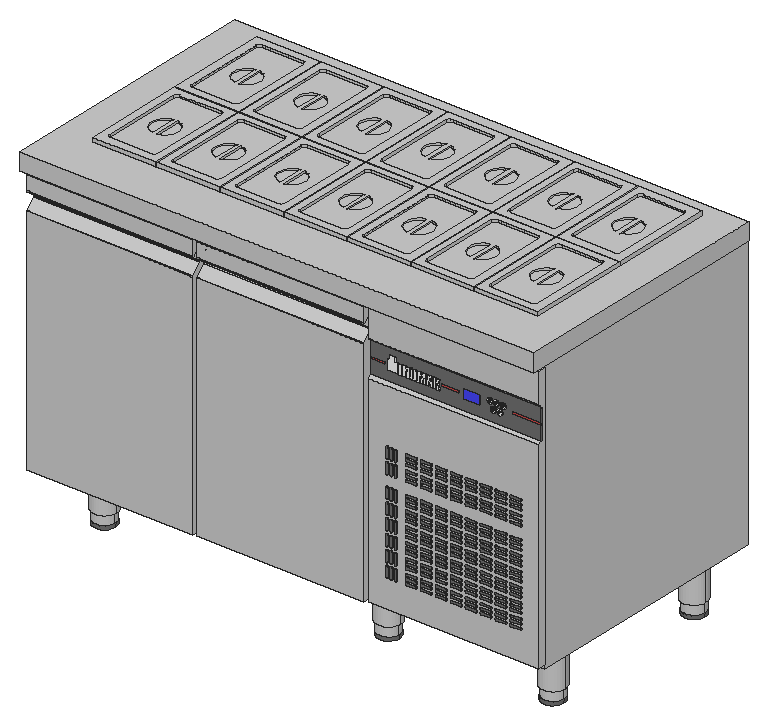
Revit family "QF_INOMAK_ZNFP99_250529112237", category Specialty Equipment, Revit 2021
Family settings
  Round Connector Dimension = Use Diameter
  Part Type = Normal
  OmniClass Number = 23.40.40.14
  OmniClass Title = Food Service Equipment
  Work Plane-Based = No
  Always vertical = Yes
  Cut with Voids When Loaded = No
  Shared = No
  Room Calculation Point = No
Parameters (values of type "ZNFP99")
  Weight [instance] = 136.999 kg
  Warranty Start Date [instance] = ""
  Warranty Duration [instance] = ""
  Volts [instance] = 230 V
  Volt Free Conn [instance] = no
  URL Recommended Spares List [instance] = ""
  URL Manufacturer [instance] = ""
  URL Cutsheet [instance] = ""
  URL Critical Spares List [instance] = ""
  URL = "www.inomak.com"
  Technical Documentation [instance] = ""
  Tag Number [instance] = ""
  Status [instance] = ""
  Start Up Current [instance] = 0 A
  Specification by User [instance] = ""
  Specification by Manufacturer [instance] = ""
  Sound Level [instance] = ""
  Show Logo [instance] = yes
  Show Clearances [instance] = yes
  Service Life Duration [instance] = ""
  Serial Number [instance] = ""
  Seismic Rating [instance] = ""
  SMACNA No [instance] = ""
  Revision Code [instance] = ""
  Revision [instance] = ""
  Production Year [instance] = ""
  Potential Equalisation [instance] = no
  Point Load [instance] = 0
  Phase [instance] = 1
  Other Equipment Approvals [instance] = ""
  Operational Current [instance] = 0 A
  Number of Poles [instance] = 2
  No Load Power Draw [instance] = no
  NAFEM Spec ID Number [instance] = ""
  Model Warning [instance] = ""
  Model = "ZNFP99"
  Min Ckt Ampacity [instance] = 0 A
  Max Overcurrent Protection [instance] = 10 A
  Masterspec [instance] = ""
  Manufacturer = "INOMAK"
  Main switch integrated [instance] = no
  Length Actual [instance] = 1342.136 mm
  Item Number [instance] = ""
  Installed By [instance] = ""
  Installation Date [instance] = ""
  Identify Quantity as Lot [instance] = no
  ID [instance] = ""
  Hygiene Approval [instance] = ""
  Height Actual [instance] = 899.922 mm
  HP power [instance] = ""
  Furnished By [instance] = ""
  Foodservice Equipment Identifier [instance] = no
  FL Amps [instance] = 3.9 A
  Electrical Remarks [instance] = ""
  Electric power [instance] = 480 W
  Electric Connection Type [instance] = ""
  Elec Conn RI Height [instance] = 0 mm
  Elec Conn Connection Height [instance] = 0 mm
  ETL Approved [instance] = no
  Description = "ZENOBIA SALADETTE WITH 2 GN 1/1 DOORS"
  Depth Actual [instance] = 700.024 mm
  Default Elevation = 0 mm
  Cycle [instance] = 50 Hz
  Cost = 0
  Connection to energy optimisation system [instance] = yes
  Conn Plug [instance] = ""
  Conn Conduit [instance] = no
  Centralized building control system with digital interface [instance] = ""
  CSI MasterFormat [instance] = ""
  CE Approved [instance] = no
  Barcode [instance] = 0
  Author [instance] = ""
  Asset Identifier [instance] = ""
  Apparent Power [instance] = 480 VA
  Accessory [instance] = no
Reference planes
  plane 1 "Center (Front/Back)": y = 0
  plane 2: z = 0
  plane 3 "Center (Left/Right)": x = 0
Forms (mm)
  Extrusion 1, solid, not visible
    sketch origin (935.046, -100.005, 146.007) x (1, 0, 0) y (0, 1, 0)
      loop
        line (-2, 2) -> (-2, -2) -> (2, -2) -> (2, 2) -> (-2, 2)
    from -2 to 2
Dimensions and locks
  locked: nested 2 to Extrusion 1 at 2  (x2)
  aligned and locked: level to plane 2
Nested families
  nested 1: "QF_INOMAK_REF_COUNTERS_1360_2920" at (0, 0, 144), type "ZNFP99"
    with Weight 136.999 kg, Warranty Start Date "", Warranty Duration "", URL Cutsheet "", Technical Documentation "", Tag Number "", Status "", Specification by User "", Specification by Manufacturer "", Sound Level "", Solid Fuel Type "", Show Clearances yes, Show Clearance yes, Service Life Duration "", Serial Number "", Seismic Rating "", SMACNA No "", Revision Code "", Revision "", Production Year "", Point Load 0, Other Equipment Approvals "", NAFEM Spec ID Number "", Model Warning "", Masterspec "", Length Actual 1342.136 mm, Item Number "", Installed By "", Installation Date "", Identify Quantity as Lot yes, ID "", Hygiene Approval "", Height Actual 899.922 mm, Furnished By "", Foodservice Equipment Identifier yes, Finish none, ETL Approved yes, Depth Actual 700.024 mm, CSI MasterFormat "", CE Approved yes, Barcode "", Author "", Asset Identifier "", Accessory no
  nested 2: "CONN_POINT_ELE_2D___Generic_Annotation" at (935.046, -100.005, 144.007), type "CONN_POINT_ELE_2D___Generic_Annotation"
    with Onboard connection annotation symbol visibility yes
  nested 3: "QF_INOMAK_REF_WORKTOPS_WOVF_1360_7072" at (0, 0, 854), type "WOVF-1360-700"
    with Worktop thickness 46 mm, Weight 0.00 kg, Warranty Start Date "", Warranty Duration "", URL Cutsheet "", Technical Documentation "", Tag Number "", Status "", Specification by User "", Specification by Manufacturer "", Sound Level "", Solid Fuel Type "", Show Logo yes, Show Clearances yes, Service Life Duration "", Serial Number "", Seismic Rating "", SMACNA No "", Revision Code "", Revision "", Production Year "", Point Load 0, Other Equipment Approvals "", NAFEM Spec ID Number "", Model Warning "", Masterspec "", Length Actual 1342.136 mm, Item Number "", Installed By "", Installation Date "", Identify Quantity as Lot yes, ID "", Hygiene Approval "", Height Actual 45.974 mm, Height AFF 0 mm, Furnished By "", Foodservice Equipment Identifier yes, Finish none, ETL Approved yes, Depth Actual 700.024 mm, CSI MasterFormat "", CE Approved yes, Barcode "", Author "", Asset Identifier "", Accessory yes
  nested 4: "QF_INOMAK_REF_COUNTERS_LEGS_9155" at (0, 0, 0), type "LG-1345-700"
    with Weight 0.00 kg, Warranty Start Date "", Warranty Duration "", URL Cutsheet "", Technical Documentation "", Tag Number "", Status "", Specification by User "", Specification by Manufacturer "", Sound Level "", Solid Fuel Type "", Show Logo yes, Show Clearances yes, Service Life Duration "", Serial Number "", Seismic Rating "", SMACNA No "", Revision Code "", Revision "", Production Year "", Point Load 0, Other Equipment Approvals "", NAFEM Spec ID Number "", Model Warning "", Masterspec "", Length Actual 1342.136 mm, Legs inset right 70 mm, Legs inset rear 90 mm, Legs inset left 100 mm, Legs inset front 150 mm, Item Number "", Installed By "", Installation Date "", Identify Quantity as Lot yes, ID "", Hygiene Approval "", Height Actual 144.018 mm, Furnished By "", Foodservice Equipment Identifier yes, ETL Approved yes, Depth Actual 700.024 mm, CentralLegs no, CSI MasterFormat "", CE Approved yes, Barcode "", Author "", Asset Identifier "", Accessory yes
Connectors
  electrical at (935.046, -100.005, 144.007), driven by "Apparent Power", driven by "Number of Poles", driven by "Volts"
    settings: on Extrusion 1, index 1, voltage 230 V, apparent load 0 VA, apparent load phase1 480 VA, apparent load phase2 0 VA, apparent load phase3 0 VA, power factor 1, load classification "Other", number of poles 2, system type 31, power factor state 1, is connector primary yes, connector utility no, sub classification motor no, connector description "Electrical connection for ZNFP99"
Definition of nested family "QF_INOMAK_REF_COUNTERS_1360_2920"
  Parameters (values of type "ZQFP99")
    Weight [instance] = 0.00 kg
    Warranty Start Date [instance] = ""
    Warranty Duration [instance] = ""
    URL Cutsheet [instance] = ""
    URL = "www.inomak.com"
    Technical Documentation [instance] = ""
    Tag Number [instance] = ""
    Status [instance] = ""
    Specification by User [instance] = ""
    Specification by Manufacturer [instance] = ""
    Sound Level [instance] = ""
    Solid Fuel Type [instance] = ""
    Show Logo = yes
    Show Clearances [instance] = yes
    Show Clearance [instance] = yes
    Service Life Duration [instance] = ""
    Serial Number [instance] = ""
    Seismic Rating [instance] = ""
    SMACNA No [instance] = ""
    Revision Code [instance] = ""
    Revision [instance] = ""
    Production Year [instance] = ""
    Point Load [instance] = 0
    Other Equipment Approvals [instance] = ""
    NAFEM Spec ID Number [instance] = ""
    Model Warning [instance] = ""
    Model = "ZQFP99"
    Masterspec [instance] = ""
    Manufacturer = "INOMAK"
    Length Actual [instance] = 0 mm
    Length = 1342 mm
    Item Number [instance] = ""
    Installed By [instance] = ""
    Installation Date [instance] = ""
    Identify Quantity as Lot [instance] = yes
    ID [instance] = ""
    Hygiene Approval [instance] = ""
    Height Actual [instance] = 0 mm
    Height = 710 mm
    Furnished By [instance] = ""
    Foodservice Equipment Identifier [instance] = yes
    Finish [instance] = none
    ETL Approved [instance] = yes
    Description = "ZENOBIA SALADETTE WITH SHOWCASE AND 2 GN 1/1 DOORS"
    Depth Actual [instance] = 0 mm
    Depth = 700 mm
    Default Elevation = 0 mm
    CSI MasterFormat [instance] = ""
    CE Approved [instance] = yes
    Barcode [instance] = ""
    Author [instance] = ""
    Asset Identifier [instance] = ""
    Assembly Code = "E1090320"
    Accessory [instance] = yes
  Types (6, lengths in mm): name | Model | Description
    ZQFP99 | "ZQFP99" | "ZENOBIA SALADETTE WITH SHOWCASE AND 2 GN 1/1 DOORS"
    ZQRP99 | "ZQRP99" | "ZENOBIA SALADETTE COUNTER WITH LENGTH VITRINE AND WITH A SPACE ON THE RIGHT SIDE OF THE WORKTOP, 2 GN 1/1 DOORS"
    ZNFP99 | "ZNFP99" | "ZENOBIA SALADETTE WITH 2 GN 1/1 DOORS"
    ZSQP99 | "ZSQP99" | "ZENOBIA SALADETTE WITH SQUARE SHOWCASE AND 2 GN 1/1 DOORS"
    ZVFP99 | "ZVFP99" | "ZENOBIA SALADETTE WITH SINGLE SNEEZE GUARD AND 2 GN 1/1 DOORS"
    ZRFP99 | "ZRFP99" | "ZENOBIA SALADETTE WITH DOUBLE SNEEZE GUARD AND 2 GN 1/1 DOORS"
  Reference planes
    plane 1 "Back": y = 0
    plane 2: z = 0
    plane 3 "Left": x = 0
    plane 4 "Right": x = 1342
    plane 5 "Front": y = -700
    plane 6 "Top": z = 710
  Forms (mm)
    Extrusion 1, solid, material <- "Finish"
      sketch origin (0, 0, 0) x (1, 0, 0) y (0, 1, 0)
        loop
          line (0, -648) -> (30, -648) -> (30, -30) -> (867, -30) -> (867, -648) -> (897, -648) -> (897, -665) -> (1342, -665) -> (1342, 0) -> (0, 0) -> (0, -648)
      from 0 to 710
    Extrusion 2, solid, material <- "Finish"
      sketch origin (0, 0, 0) x (1, 0, 0) y (0, 1, 0)
        loop
          line (30, -30) -> (30, -648) -> (867, -648) -> (867, -30) -> (30, -30)
      from 0 to 45
    Extrusion 3, solid, material <- "Finish"
      sketch origin (0, 0, 710) x (0, 1, 0) y (-1, 0, 0)
        loop
          line (-30, -30) -> (-648, -30) -> (-648, -867) -> (-30, -867) -> (-30, -30)
      from 0 to -30
    Extrusion 4, solid, material <- "Finish"
      sketch origin (1342, 0, 0) x (0, -1, 0) y (0, 0, 1)
        loop
          line (683.05, 705) -> (665, 705) -> (665, 10) -> (683.05, 10) -> (683.05, 532.058) -> (676.05, 539.058) -> (676.05, 618.864) -> (683.05, 625.864) -> (683.05, 705)
      from 0 to 445
    Extrusion 5, solid
      sketch origin (0, -700, 0) x (-1, 0, 0) y (0, 0, 1)
        loop
          circle (-1208.654, 586.73) r 6.965
        loop
          circle (-1225.685, 586.73) r 6.965
        loop
          circle (-1242.694, 586.73) r 6.965
        loop
          circle (-1217.18, 568.729) r 6.965
        loop
          circle (-1234.189, 568.729) r 6.965
        loop
          circle (-1208.654, 586.73) r 3.965
        loop
          circle (-1225.685, 586.73) r 3.965
        loop
          circle (-1242.694, 586.73) r 3.965
        loop
          circle (-1217.18, 568.729) r 3.965
        loop
          circle (-1234.189, 568.729) r 3.965
      from 23 to 25.5
    Extrusion 6, solid
      sketch origin (0, -700, 0) x (-1, 0, 0) y (0, 0, 1)
        loop
          line (-1180.865, 590.461) -> (-1180.865, 567.461) -> (-1140.865, 567.461) -> (-1140.865, 590.461) -> (-1180.865, 590.461)
      from 23 to 25.5
    Extrusion 7, solid
      sketch origin (0, -700, 0) x (-1, 0, 0) y (0, 0, 1)
        loop
          line (-897, 618.864) -> (-1342, 618.864) -> (-1342, 539.058) -> (-897, 539.058) -> (-897, 618.864)
      from 23.5 to 25.5
    Extrusion 8, solid, visible <- "Show Logo"
      sketch origin (0, -700, 0) x (-1, 0, 0) y (0, 0, 1)
        loop
          line (-941.061, 591.01) -> (-947.061, 591.01) -> (-947.061, 602.118) -> (-961.298, 602.118) -> (-961.298, 591.01) -> (-967.298, 591.01) -> (-967.298, 564.76) -> (-941.061, 564.76) -> (-941.061, 591.01)
        loop
          line (-971.613, 590.698) -> (-978.903, 590.698) -> (-978.903, 564.76) -> (-971.613, 564.76) -> (-971.613, 590.698)
        loop
          line (-981.422, 564.76) -> (-981.422, 590.698) -> (-988.256, 590.698) -> (-991.449, 578.78) -> (-991.449, 590.698) -> (-997.982, 590.698) -> (-997.982, 564.76) -> (-991.449, 564.76) -> (-987.735, 578.623) -> (-987.735, 564.76) -> (-981.422, 564.76)
        loop
          line (-1018.664, 564.76) -> (-1018.664, 590.698) -> (-1027.626, 590.698) -> (-1029.988, 576.688) -> (-1032.35, 590.698) -> (-1041.312, 590.698) -> (-1041.312, 564.76) -> (-1034.687, 564.76) -> (-1034.687, 578.623) -> (-1032.35, 564.76) -> (-1027.626, 564.76) -> (-1025.289, 578.623) -> (-1025.289, 564.76) -> (-1018.664, 564.76)
        loop
          line (-1003.851, 590.698) -> (-1013.176, 590.698)
          arc (-1013.176, 590.698) -> (-1015.773, 589.622) -> (-1016.849, 587.026) r 3.672
          line (-1016.849, 587.026) -> (-1016.849, 568.433)
          arc (-1016.849, 568.433) -> (-1015.773, 565.836) -> (-1013.176, 564.76) r 3.672
          line (-1013.176, 564.76) -> (-1003.851, 564.76)
          arc (-1003.851, 564.76) -> (-1001.255, 565.836) -> (-1000.179, 568.433) r 3.672
          line (-1000.179, 568.433) -> (-1000.179, 587.026)
          arc (-1000.179, 587.026) -> (-1001.255, 589.622) -> (-1003.851, 590.698) r 3.672
        loop
          arc (-1007.487, 587.542) -> (-1008.514, 588.569) -> (-1009.541, 587.542) r 1.027
          line (-1009.541, 587.542) -> (-1009.541, 568.949)
          arc (-1009.541, 568.949) -> (-1008.514, 567.922) -> (-1007.487, 568.949) r 1.027
          line (-1007.487, 568.949) -> (-1007.487, 587.542)
        loop
          line (-1042.382, 564.76) -> (-1046.755, 590.698) -> (-1055.615, 590.698) -> (-1059.988, 564.76) -> (-1053.461, 564.76) -> (-1052.852, 569.723) -> (-1049.518, 569.723) -> (-1048.909, 564.76) -> (-1042.382, 564.76)
        loop
          line (-1050.074, 574.252) -> (-1051.185, 583.299) -> (-1052.296, 574.252) -> (-1050.074, 574.252)
        loop
          line (-1060.954, 564.76) -> (-1060.954, 590.698) -> (-1067.579, 590.698) -> (-1067.579, 581.585) -> (-1070.365, 590.698) -> (-1077.803, 590.698) -> (-1073.474, 579.422) -> (-1078.522, 564.76) -> (-1070.939, 564.76) -> (-1067.579, 577.3) -> (-1067.579, 564.76) -> (-1060.954, 564.76)
      from 23 to 25.5
    Extrusion 9, solid
      sketch origin (0, -700, 0) x (-1, 0, 0) y (0, 0, 1)
        loop
          line (-897, 580.961) -> (-933.995, 580.961) -> (-933.995, 576.961) -> (-897, 576.961) -> (-897, 580.961)
        loop
          line (-1082, 580.961) -> (-1126.365, 580.961) -> (-1126.365, 576.961) -> (-1082, 576.961) -> (-1082, 580.961)
        loop
          line (-1342, 580.961) -> (-1342, 576.961) -> (-1268.755, 576.961) -> (-1268.755, 580.961) -> (-1342, 580.961)
      from 23 to 25.5
    Extrusion 10, solid, material <- "Finish", visible <- "Show Clearance"
      sketch origin (443.5, 0, 0) x (0, -1, 0) y (0, 0, -1)
        loop
          line (690, -10) -> (648, -10) -> (648, -700) -> (690, -700) -> (690, -661.747)
          arc (690, -661.747) -> (688.671, -659.935) -> (686.544, -660.657) r 1.9
          line (686.544, -660.657) -> (680.029, -669.961) -> (668.119, -669.961)
          arc (668.119, -669.961) -> (666.433, -669.262) -> (665.734, -667.576) r 2.385
          line (665.734, -667.576) -> (665.734, -640.672)
          arc (665.734, -640.672) -> (665.976, -639.458) -> (666.663, -638.429) r 3.172
          line (666.663, -638.429) -> (689.485, -615.607)
          arc (689.485, -615.607) -> (689.866, -615.037) -> (690, -614.365) r 1.757
          line (690, -614.365) -> (690, -10)
      from 0 to -435
    Extrusion 11, solid, visible <- "Show Clearance", detail levels coarse
      sketch origin (443.5, -700, 10) x (-1, 0, 0) y (0, 1, 0)
        loop
          line (435, 10) -> (0, 10)
          arc (0, 10) -> (134.757, -285.109) -> (435, -408) r 440.665
          line (435, -408) -> (435, 10)
      from 0 to -690
    Extrusion 12, solid, material <- "Finish", visible <- "Show Clearance"
      sketch origin (453.5, 0, 0) x (0, -1, 0) y (0, 0, 1)
        loop
          line (690, 10) -> (690, 614.365)
          arc (690, 614.365) -> (689.866, 615.037) -> (689.485, 615.607) r 1.757
          line (689.485, 615.607) -> (666.663, 638.429)
          arc (666.663, 638.429) -> (665.976, 639.458) -> (665.734, 640.672) r 3.172
          line (665.734, 640.672) -> (665.734, 667.576)
          arc (665.734, 667.576) -> (666.433, 669.262) -> (668.119, 669.961) r 2.385
          line (668.119, 669.961) -> (680.029, 669.961) -> (686.544, 660.657)
          arc (686.544, 660.657) -> (688.671, 659.935) -> (690, 661.747) r 1.9
          line (690, 661.747) -> (690, 700) -> (648, 700) -> (648, 10) -> (690, 10)
      from 0 to -435
    Extrusion 13, solid, visible <- "Show Clearance", detail levels coarse
      sketch origin (453.5, -700, 10) x (-1, 0, 0) y (0, 1, 0)
        loop
          line (-435, 10) -> (-435, -408)
          arc (-435, -408) -> (-134.757, -285.109) -> (0, 10) r 440.665
          line (0, 10) -> (-435, 10)
      from 0 to -690
  Cuts and joins
    joined: Extrusion 1, Extrusion 2, Extrusion 3
  Lines and regions (mm)
    symbolic lines, visible <- "Show Clearance"
      curve 1: line (0, 0, 0) -> (1342, 0, 0)
      curve 2: line (1342, 0, 0) -> (1342, -700, 0)
      curve 3: line (1342, -700, 0) -> (0, -700, 0)
      curve 4: line (0, -700, 0) -> (0, 0, 0)
      curve 5: line (8.5, -1108, 0) -> (8.5, -700, 0)
      curve 6: arc (8.5, -1108, 0) -> (305.111, -988.559, 0) -> (442.872, -700, 0) r 440.665
      curve 7: line (888.5, -1108, 0) -> (888.5, -700, 0)
      curve 8: arc (888.5, -1108, 0) -> (591.889, -988.559, 0) -> (454.128, -700, 0) r 440.665
  Dimensions and locks
    "Length": plane 3 "Left" to plane 4 "Right"
    "Depth": plane 5 "Front" to plane 1 "Back"
    "Height": plane 6 "Top" to plane 2
    aligned and locked: level to plane 2
    aligned and locked: plane 6 "Top" to Extrusion 1
    aligned and locked: nested 1 to plane 4 "Right"
    aligned and locked: plane 5 "Front" to nested 1
    aligned and locked: plane 5 "Front" to curve 3
    aligned and locked: curve 5 to Extrusion 11
    aligned and locked: curve 7 to Extrusion 13
  Automatic sketch dimensions
    plane 1 "Back" to curve 1 = 0 mm
    curve 1 to plane 3 "Left" = 0 mm
    curve 1 to plane 4 "Right" = 0 mm
    plane 3 "Left" to curve 6 = 3.417 mm
    curve 7 to curve 8 = 5.083 mm
    curve 7 to plane 5 "Front" = 408 mm
    curve 5 to plane 5 "Front" = 408 mm
    plane 5 "Front" to curve 6 = 32.635 mm
    plane 5 "Front" to curve 8 = 32.635 mm
    Extrusion 1 sketch curve to plane 3 "Left" = 0 mm
    plane 1 "Back" to Extrusion 1 sketch curve = 0 mm
    Extrusion 1 sketch curve to plane 4 "Right" = 0 mm
    plane 3 "Left" to Extrusion 1 sketch curve = 30 mm
    plane 1 "Back" to Extrusion 1 sketch curve = 30 mm
    plane 4 "Right" to Extrusion 1 sketch curve = 475 mm
    Extrusion 1 sketch curve to Extrusion 1 sketch curve = 30 mm
    plane 5 "Front" to Extrusion 1 sketch curve = 52 mm  (x2)
    plane 5 "Front" to Extrusion 1 sketch curve = 35 mm
    plane 3 "Left" to Extrusion 2 sketch curve = 30 mm
    plane 5 "Front" to Extrusion 2 sketch curve = 52 mm
    plane 4 "Right" to Extrusion 2 sketch curve = 475 mm
    plane 1 "Back" to Extrusion 2 sketch curve = 30 mm
    plane 5 "Front" to Extrusion 3 sketch curve = 52 mm
    plane 1 "Back" to Extrusion 3 sketch curve = 30 mm
    plane 4 "Right" to Extrusion 3 sketch curve = 475 mm
    plane 3 "Left" to Extrusion 3 sketch curve = 30 mm
    Extrusion 4 sketch curve to plane 6 "Top" = 5 mm
    plane 5 "Front" to Extrusion 4 sketch curve = 35 mm
    plane 5 "Front" to Extrusion 4 sketch curve = 23.95 mm
    Extrusion 4 sketch curve to Extrusion 4 sketch curve = 7 mm  (x4)
    Extrusion 4 sketch curve to Extrusion 4 sketch curve = 79.136 mm
    Extrusion 4 sketch curve to Extrusion 4 sketch curve = 79.807 mm
    level to Extrusion 4 sketch curve = 10 mm
    level to Extrusion 10 sketch curve = 10 mm
    plane 5 "Front" to Extrusion 10 sketch curve = 52 mm
    plane 5 "Front" to Extrusion 10 sketch curve = 34.266 mm
    Extrusion 10 sketch curve to Extrusion 10 sketch curve = 0.929 mm
    Extrusion 10 sketch curve to Extrusion 10 sketch curve = 2.385 mm
    Extrusion 10 sketch curve to Extrusion 10 sketch curve = 3.172 mm
    Extrusion 10 sketch curve to Extrusion 10 sketch curve = 11.91 mm
    Extrusion 10 sketch curve to Extrusion 10 sketch curve = 6.515 mm
    Extrusion 10 sketch curve to Extrusion 10 sketch curve = 1.556 mm
    plane 5 "Front" to Extrusion 10 sketch curve = 11.757 mm
    Extrusion 10 sketch curve to Extrusion 10 sketch curve = 1.242 mm
    Extrusion 10 sketch curve to Extrusion 10 sketch curve = 1.9 mm
    Extrusion 10 sketch curve to Extrusion 10 sketch curve = 0.515 mm
    Extrusion 10 sketch curve to plane 6 "Top" = 95.635 mm
    Extrusion 10 sketch curve to Extrusion 10 sketch curve = 22.822 mm
    Extrusion 10 sketch curve to Extrusion 10 sketch curve = 19.985 mm
    Extrusion 10 sketch curve to Extrusion 10 sketch curve = 6.919 mm
    Extrusion 10 sketch curve to plane 6 "Top" = 10 mm
    plane 5 "Front" to Extrusion 11 sketch curve = 10 mm
    plane 3 "Left" to Extrusion 11 sketch curve = 443.5 mm
    plane 3 "Left" to Extrusion 11 sketch curve = 8.5 mm
    plane 3 "Left" to Extrusion 11 sketch curve = 3.417 mm
    Extrusion 11 sketch curve to Extrusion 11 sketch curve = 22.635 mm
    level to Extrusion 12 sketch curve = 10 mm
    plane 5 "Front" to Extrusion 12 sketch curve = 52 mm
    plane 5 "Front" to Extrusion 12 sketch curve = 34.266 mm
    Extrusion 12 sketch curve to Extrusion 12 sketch curve = 0.929 mm
    Extrusion 12 sketch curve to Extrusion 12 sketch curve = 2.385 mm
    Extrusion 12 sketch curve to Extrusion 12 sketch curve = 3.172 mm
    Extrusion 12 sketch curve to Extrusion 12 sketch curve = 11.91 mm
    Extrusion 12 sketch curve to Extrusion 12 sketch curve = 6.515 mm
    Extrusion 12 sketch curve to Extrusion 12 sketch curve = 1.556 mm
    plane 5 "Front" to Extrusion 12 sketch curve = 11.757 mm
    Extrusion 12 sketch curve to Extrusion 12 sketch curve = 1.242 mm
    Extrusion 12 sketch curve to Extrusion 12 sketch curve = 1.9 mm
    Extrusion 12 sketch curve to Extrusion 12 sketch curve = 0.515 mm
    Extrusion 12 sketch curve to plane 6 "Top" = 95.635 mm
    Extrusion 12 sketch curve to Extrusion 12 sketch curve = 22.822 mm
    Extrusion 12 sketch curve to Extrusion 12 sketch curve = 19.985 mm
    Extrusion 12 sketch curve to Extrusion 12 sketch curve = 6.919 mm
    Extrusion 12 sketch curve to plane 6 "Top" = 10 mm
    plane 5 "Front" to Extrusion 13 sketch curve = 32.635 mm
    plane 4 "Right" to Extrusion 13 sketch curve = 448.417 mm
    Extrusion 13 sketch curve to Extrusion 13 sketch curve = 5.083 mm
    plane 5 "Front" to Extrusion 13 sketch curve = 10 mm
    Extrusion 13 sketch curve to Extrusion 13 sketch curve = 435 mm
    Extrusion 5 sketch curve to Extrusion 5 sketch curve = 0 mm  (x13)
    plane 4 "Right" to Extrusion 5 sketch curve = 99.306 mm
    Extrusion 5 sketch curve to Extrusion 5 sketch curve = 8.505 mm
    Extrusion 5 sketch curve to Extrusion 5 sketch curve = 17.009 mm  (x2)
    Extrusion 5 sketch curve to Extrusion 5 sketch curve = 17.03 mm
    Extrusion 5 sketch curve to plane 6 "Top" = 141.271 mm
    Extrusion 5 sketch curve to Extrusion 5 sketch curve = 18.001 mm
    plane 4 "Right" to Extrusion 6 sketch curve = 161.135 mm
    Extrusion 6 sketch curve to Extrusion 6 sketch curve = 40 mm
    Extrusion 6 sketch curve to plane 6 "Top" = 142.539 mm
    Extrusion 6 sketch curve to Extrusion 6 sketch curve = 23 mm
    plane 4 "Right" to Extrusion 7 sketch curve = 0 mm
    Extrusion 7 sketch curve to plane 6 "Top" = 170.942 mm
    Extrusion 7 sketch curve to Extrusion 7 sketch curve = 445 mm
    Extrusion 7 sketch curve to Extrusion 7 sketch curve = 79.807 mm
    plane 4 "Right" to Extrusion 8 sketch curve = 263.478 mm
    Extrusion 8 sketch curve to Extrusion 8 sketch curve = 0.72 mm
    Extrusion 8 sketch curve to plane 6 "Top" = 130.578 mm
    Extrusion 8 sketch curve to Extrusion 8 sketch curve = 4.329 mm
    Extrusion 8 sketch curve to Extrusion 8 sketch curve = 7.584 mm
    Extrusion 8 sketch curve to plane 6 "Top" = 119.302 mm  (x2)
    Extrusion 8 sketch curve to Extrusion 8 sketch curve = 7.438 mm
    Extrusion 8 sketch curve to plane 6 "Top" = 132.7 mm
    Extrusion 8 sketch curve to Extrusion 8 sketch curve = 5.895 mm
    Extrusion 8 sketch curve to plane 6 "Top" = 128.415 mm
    Extrusion 8 sketch curve to Extrusion 8 sketch curve = 0 mm  (x11)
    Extrusion 8 sketch curve to Extrusion 8 sketch curve = 6.625 mm  (x2)
    Extrusion 8 sketch curve to Extrusion 8 sketch curve = 0.965 mm
    Extrusion 8 sketch curve to Extrusion 8 sketch curve = 5.338 mm
    Extrusion 8 sketch curve to Extrusion 8 sketch curve = 6.527 mm  (x2)
    Extrusion 8 sketch curve to plane 6 "Top" = 140.277 mm
    Extrusion 8 sketch curve to Extrusion 8 sketch curve = 0.609 mm
    Extrusion 8 sketch curve to plane 6 "Top" = 135.748 mm
    Extrusion 8 sketch curve to Extrusion 8 sketch curve = 0.556 mm
    Extrusion 8 sketch curve to plane 6 "Top" = 126.701 mm
    Extrusion 8 sketch curve to Extrusion 8 sketch curve = 4.43 mm  (x2)
    Extrusion 8 sketch curve to Extrusion 8 sketch curve = 2.222 mm
    Extrusion 8 sketch curve to Extrusion 8 sketch curve = 3.334 mm
    Extrusion 8 sketch curve to Extrusion 8 sketch curve = 4.552 mm
    Extrusion 8 sketch curve to plane 6 "Top" = 145.24 mm  (x2)
    Extrusion 8 sketch curve to Extrusion 8 sketch curve = 1.069 mm
    Extrusion 8 sketch curve to plane 6 "Top" = 131.377 mm  (x2)
    Extrusion 8 sketch curve to Extrusion 8 sketch curve = 8.962 mm  (x2)
    Extrusion 8 sketch curve to Extrusion 8 sketch curve = 2.337 mm
    Extrusion 8 sketch curve to plane 6 "Top" = 133.312 mm
    Extrusion 8 sketch curve to Extrusion 8 sketch curve = 4.699 mm  (x2)
    Extrusion 8 sketch curve to Extrusion 8 sketch curve = 4.724 mm  (x2)
    Extrusion 8 sketch curve to Extrusion 8 sketch curve = 1.815 mm
    Extrusion 8 sketch curve to Extrusion 8 sketch curve = 3.672 mm  (x8)
    Extrusion 8 sketch curve to Extrusion 8 sketch curve = 3.636 mm  (x3)
    Extrusion 8 sketch curve to Extrusion 8 sketch curve = 1.027 mm
    Extrusion 8 sketch curve to Extrusion 8 sketch curve = 2.197 mm
    Extrusion 8 sketch curve to Extrusion 8 sketch curve = 6.532 mm  (x2)
    Extrusion 8 sketch curve to Extrusion 8 sketch curve = 3.194 mm
    Extrusion 8 sketch curve to Extrusion 8 sketch curve = 3.714 mm
    Extrusion 8 sketch curve to Extrusion 8 sketch curve = 6.312 mm
    Extrusion 8 sketch curve to Extrusion 8 sketch curve = 2.52 mm
    Extrusion 8 sketch curve to Extrusion 8 sketch curve = 7.29 mm
    Extrusion 8 sketch curve to Extrusion 8 sketch curve = 4.315 mm
    Extrusion 8 sketch curve to Extrusion 8 sketch curve = 6 mm
    Extrusion 8 sketch curve to Extrusion 8 sketch curve = 14.237 mm
    Extrusion 8 sketch curve to Extrusion 8 sketch curve = 26.237 mm
    Extrusion 8 sketch curve to Extrusion 8 sketch curve = 14.661 mm
    Extrusion 8 sketch curve to Extrusion 8 sketch curve = 4.963 mm
    Extrusion 8 sketch curve to Extrusion 8 sketch curve = 0.516 mm  (x2)
    Extrusion 8 sketch curve to Extrusion 8 sketch curve = 13.862 mm
    Extrusion 8 sketch curve to Extrusion 8 sketch curve = 0.157 mm
    Extrusion 8 sketch curve to Extrusion 8 sketch curve = 26.25 mm
    Extrusion 8 sketch curve to Extrusion 8 sketch curve = 0.312 mm
    Extrusion 8 sketch curve to Extrusion 8 sketch curve = 11.107 mm
    plane 4 "Right" to Extrusion 9 sketch curve = 0 mm
    Extrusion 9 sketch curve to Extrusion 9 sketch curve = 73.245 mm
    Extrusion 9 sketch curve to Extrusion 9 sketch curve = 142.39 mm
    Extrusion 9 sketch curve to Extrusion 9 sketch curve = 44.365 mm
    Extrusion 9 sketch curve to Extrusion 9 sketch curve = 148.005 mm
    Extrusion 9 sketch curve to Extrusion 9 sketch curve = 36.995 mm
    Extrusion 9 sketch curve to plane 6 "Top" = 133.039 mm  (x3)
    Extrusion 9 sketch curve to Extrusion 9 sketch curve = 4 mm  (x3)
    radius of Extrusion 5 sketch curve = 6.965 mm  (x5)
    radius of Extrusion 5 sketch curve = 3.965 mm  (x5)
  Nested families
    nested 1: "QF_INOMAK_CONRTOL-PANEL" at (1342, 0, 0), type "PNRP9999"
      with Show Clearance yes
  Definition of nested family "QF_INOMAK_CONRTOL-PANEL"
    Parameters (values of type "PNRP9999")
      URL = ""
      Show Logo = yes
      Show Clearance [instance] = yes
      Model = ""
      Manufacturer = ""
      Length = 0 mm
      Height = 710 mm
      Front offset = 80 mm
      Description = ""
      Depth = 700 mm
      Default Elevation = 0 mm
      Assembly Code = ""
    Reference planes
      plane 1 "Back": y = 0
      plane 2: z = 0
      plane 3 "Left": x = 0
      plane 4 "Right": x = 0
      plane 5 "Front": y = -700
      plane 6 "Top": z = 710
      plane 7 "Front offset": y = -620
    Forms (mm)
      Extrusion 1, solid
        sketch origin (-2240, -700, 0) x (-1, 0, 0) y (0, 0, 1)
          loop
            arc (-2191.4, 389.855) -> (-2194.4, 386.855) -> (-2191.4, 383.855) r 3
            line (-2191.4, 383.855) -> (-2167.4, 383.855)
            arc (-2167.4, 383.855) -> (-2164.4, 386.855) -> (-2167.4, 389.855) r 3
            line (-2167.4, 389.855) -> (-2191.4, 389.855)
          loop
            arc (-2152.4, 389.855) -> (-2155.4, 386.855) -> (-2152.4, 383.855) r 3
            line (-2152.4, 383.855) -> (-2128.4, 383.855)
            arc (-2128.4, 383.855) -> (-2125.4, 386.855) -> (-2128.4, 389.855) r 3
            line (-2128.4, 389.855) -> (-2152.4, 389.855)
          loop
            arc (-2113.4, 389.855) -> (-2116.4, 386.855) -> (-2113.4, 383.855) r 3
            line (-2113.4, 383.855) -> (-2089.4, 383.855)
            arc (-2089.4, 383.855) -> (-2086.4, 386.855) -> (-2089.4, 389.855) r 3
            line (-2089.4, 389.855) -> (-2113.4, 389.855)
          loop
            arc (-2074.4, 389.855) -> (-2077.4, 386.855) -> (-2074.4, 383.855) r 3
            line (-2074.4, 383.855) -> (-2050.4, 383.855)
            arc (-2050.4, 383.855) -> (-2047.4, 386.855) -> (-2050.4, 389.855) r 3
            line (-2050.4, 389.855) -> (-2074.4, 389.855)
          loop
            arc (-2035.4, 389.855) -> (-2038.4, 386.855) -> (-2035.4, 383.855) r 3
            line (-2035.4, 383.855) -> (-2011.4, 383.855)
            arc (-2011.4, 383.855) -> (-2008.4, 386.855) -> (-2011.4, 389.855) r 3
            line (-2011.4, 389.855) -> (-2035.4, 389.855)
          loop
            arc (-1996.4, 389.855) -> (-1999.4, 386.855) -> (-1996.4, 383.855) r 3
            line (-1996.4, 383.855) -> (-1972.4, 383.855)
            arc (-1972.4, 383.855) -> (-1969.4, 386.855) -> (-1972.4, 389.855) r 3
            line (-1972.4, 389.855) -> (-1996.4, 389.855)
          loop
            arc (-1957.4, 389.855) -> (-1960.4, 386.855) -> (-1957.4, 383.855) r 3
            line (-1957.4, 383.855) -> (-1933.4, 383.855)
            arc (-1933.4, 383.855) -> (-1930.4, 386.855) -> (-1933.4, 389.855) r 3
            line (-1933.4, 389.855) -> (-1957.4, 389.855)
          loop
            arc (-1918.4, 389.855) -> (-1921.4, 386.855) -> (-1918.4, 383.855) r 3
            line (-1918.4, 383.855) -> (-1894.4, 383.855)
            arc (-1894.4, 383.855) -> (-1891.4, 386.855) -> (-1894.4, 389.855) r 3
            line (-1894.4, 389.855) -> (-1918.4, 389.855)
          loop
            arc (-2191.4, 378.855) -> (-2194.4, 375.855) -> (-2191.4, 372.855) r 3
            line (-2191.4, 372.855) -> (-2167.4, 372.855)
            arc (-2167.4, 372.855) -> (-2164.4, 375.855) -> (-2167.4, 378.855) r 3
            line (-2167.4, 378.855) -> (-2191.4, 378.855)
          loop
            arc (-2152.4, 378.855) -> (-2155.4, 375.855) -> (-2152.4, 372.855) r 3
            line (-2152.4, 372.855) -> (-2128.4, 372.855)
            arc (-2128.4, 372.855) -> (-2125.4, 375.855) -> (-2128.4, 378.855) r 3
            line (-2128.4, 378.855) -> (-2152.4, 378.855)
          loop
            arc (-2113.4, 378.855) -> (-2116.4, 375.855) -> (-2113.4, 372.855) r 3
            line (-2113.4, 372.855) -> (-2089.4, 372.855)
            arc (-2089.4, 372.855) -> (-2086.4, 375.855) -> (-2089.4, 378.855) r 3
            line (-2089.4, 378.855) -> (-2113.4, 378.855)
          loop
            arc (-2074.4, 378.855) -> (-2077.4, 375.855) -> (-2074.4, 372.855) r 3
            line (-2074.4, 372.855) -> (-2050.4, 372.855)
            arc (-2050.4, 372.855) -> (-2047.4, 375.855) -> (-2050.4, 378.855) r 3
            line (-2050.4, 378.855) -> (-2074.4, 378.855)
          loop
            arc (-2035.4, 378.855) -> (-2038.4, 375.855) -> (-2035.4, 372.855) r 3
            line (-2035.4, 372.855) -> (-2011.4, 372.855)
            arc (-2011.4, 372.855) -> (-2008.4, 375.855) -> (-2011.4, 378.855) r 3
            line (-2011.4, 378.855) -> (-2035.4, 378.855)
          loop
            arc (-1996.4, 378.855) -> (-1999.4, 375.855) -> (-1996.4, 372.855) r 3
            line (-1996.4, 372.855) -> (-1972.4, 372.855)
            arc (-1972.4, 372.855) -> (-1969.4, 375.855) -> (-1972.4, 378.855) r 3
            line (-1972.4, 378.855) -> (-1996.4, 378.855)
          loop
            arc (-1957.4, 378.855) -> (-1960.4, 375.855) -> (-1957.4, 372.855) r 3
            line (-1957.4, 372.855) -> (-1933.4, 372.855)
            arc (-1933.4, 372.855) -> (-1930.4, 375.855) -> (-1933.4, 378.855) r 3
            line (-1933.4, 378.855) -> (-1957.4, 378.855)
          loop
            arc (-1918.4, 378.855) -> (-1921.4, 375.855) -> (-1918.4, 372.855) r 3
            line (-1918.4, 372.855) -> (-1894.4, 372.855)
            arc (-1894.4, 372.855) -> (-1891.4, 375.855) -> (-1894.4, 378.855) r 3
            line (-1894.4, 378.855) -> (-1918.4, 378.855)
          loop
            arc (-2191.4, 367.855) -> (-2194.4, 364.855) -> (-2191.4, 361.855) r 3
            line (-2191.4, 361.855) -> (-2167.4, 361.855)
            arc (-2167.4, 361.855) -> (-2164.4, 364.855) -> (-2167.4, 367.855) r 3
            line (-2167.4, 367.855) -> (-2191.4, 367.855)
          loop
            arc (-2152.4, 367.855) -> (-2155.4, 364.855) -> (-2152.4, 361.855) r 3
            line (-2152.4, 361.855) -> (-2128.4, 361.855)
            arc (-2128.4, 361.855) -> (-2125.4, 364.855) -> (-2128.4, 367.855) r 3
            line (-2128.4, 367.855) -> (-2152.4, 367.855)
          loop
            arc (-2113.4, 367.855) -> (-2116.4, 364.855) -> (-2113.4, 361.855) r 3
            line (-2113.4, 361.855) -> (-2089.4, 361.855)
            arc (-2089.4, 361.855) -> (-2086.4, 364.855) -> (-2089.4, 367.855) r 3
            line (-2089.4, 367.855) -> (-2113.4, 367.855)
          loop
            arc (-2074.4, 367.855) -> (-2077.4, 364.855) -> (-2074.4, 361.855) r 3
            line (-2074.4, 361.855) -> (-2050.4, 361.855)
            arc (-2050.4, 361.855) -> (-2047.4, 364.855) -> (-2050.4, 367.855) r 3
            line (-2050.4, 367.855) -> (-2074.4, 367.855)
          loop
            arc (-2035.4, 367.855) -> (-2038.4, 364.855) -> (-2035.4, 361.855) r 3
            line (-2035.4, 361.855) -> (-2011.4, 361.855)
            arc (-2011.4, 361.855) -> (-2008.4, 364.855) -> (-2011.4, 367.855) r 3
            line (-2011.4, 367.855) -> (-2035.4, 367.855)
          loop
            arc (-1996.4, 367.855) -> (-1999.4, 364.855) -> (-1996.4, 361.855) r 3
            line (-1996.4, 361.855) -> (-1972.4, 361.855)
            arc (-1972.4, 361.855) -> (-1969.4, 364.855) -> (-1972.4, 367.855) r 3
            line (-1972.4, 367.855) -> (-1996.4, 367.855)
          loop
            arc (-1957.4, 367.855) -> (-1960.4, 364.855) -> (-1957.4, 361.855) r 3
            line (-1957.4, 361.855) -> (-1933.4, 361.855)
            arc (-1933.4, 361.855) -> (-1930.4, 364.855) -> (-1933.4, 367.855) r 3
            line (-1933.4, 367.855) -> (-1957.4, 367.855)
          loop
            arc (-1918.4, 367.855) -> (-1921.4, 364.855) -> (-1918.4, 361.855) r 3
            line (-1918.4, 361.855) -> (-1894.4, 361.855)
            arc (-1894.4, 361.855) -> (-1891.4, 364.855) -> (-1894.4, 367.855) r 3
            line (-1894.4, 367.855) -> (-1918.4, 367.855)
          loop
            arc (-2191.4, 352.855) -> (-2194.4, 349.855) -> (-2191.4, 346.855) r 3
            line (-2191.4, 346.855) -> (-2167.4, 346.855)
            arc (-2167.4, 346.855) -> (-2164.4, 349.855) -> (-2167.4, 352.855) r 3
            line (-2167.4, 352.855) -> (-2191.4, 352.855)
          loop
            arc (-2152.4, 352.855) -> (-2155.4, 349.855) -> (-2152.4, 346.855) r 3
            line (-2152.4, 346.855) -> (-2128.4, 346.855)
            arc (-2128.4, 346.855) -> (-2125.4, 349.855) -> (-2128.4, 352.855) r 3
            line (-2128.4, 352.855) -> (-2152.4, 352.855)
          loop
            arc (-2113.4, 352.855) -> (-2116.4, 349.855) -> (-2113.4, 346.855) r 3
            line (-2113.4, 346.855) -> (-2089.4, 346.855)
            arc (-2089.4, 346.855) -> (-2086.4, 349.855) -> (-2089.4, 352.855) r 3
            line (-2089.4, 352.855) -> (-2113.4, 352.855)
          loop
            arc (-2074.4, 352.855) -> (-2077.4, 349.855) -> (-2074.4, 346.855) r 3
            line (-2074.4, 346.855) -> (-2050.4, 346.855)
            arc (-2050.4, 346.855) -> (-2047.4, 349.855) -> (-2050.4, 352.855) r 3
            line (-2050.4, 352.855) -> (-2074.4, 352.855)
          loop
            arc (-2035.4, 352.855) -> (-2038.4, 349.855) -> (-2035.4, 346.855) r 3
            line (-2035.4, 346.855) -> (-2011.4, 346.855)
            arc (-2011.4, 346.855) -> (-2008.4, 349.855) -> (-2011.4, 352.855) r 3
            line (-2011.4, 352.855) -> (-2035.4, 352.855)
          loop
            arc (-1996.4, 352.855) -> (-1999.4, 349.855) -> (-1996.4, 346.855) r 3
            line (-1996.4, 346.855) -> (-1972.4, 346.855)
            arc (-1972.4, 346.855) -> (-1969.4, 349.855) -> (-1972.4, 352.855) r 3
            line (-1972.4, 352.855) -> (-1996.4, 352.855)
          loop
            arc (-1957.4, 352.855) -> (-1960.4, 349.855) -> (-1957.4, 346.855) r 3
            line (-1957.4, 346.855) -> (-1933.4, 346.855)
            arc (-1933.4, 346.855) -> (-1930.4, 349.855) -> (-1933.4, 352.855) r 3
            line (-1933.4, 352.855) -> (-1957.4, 352.855)
          loop
            arc (-1918.4, 352.855) -> (-1921.4, 349.855) -> (-1918.4, 346.855) r 3
            line (-1918.4, 346.855) -> (-1894.4, 346.855)
            arc (-1894.4, 346.855) -> (-1891.4, 349.855) -> (-1894.4, 352.855) r 3
            line (-1894.4, 352.855) -> (-1918.4, 352.855)
          loop
            arc (-2191.4, 341.855) -> (-2194.4, 338.855) -> (-2191.4, 335.855) r 3
            line (-2191.4, 335.855) -> (-2167.4, 335.855)
            arc (-2167.4, 335.855) -> (-2164.4, 338.855) -> (-2167.4, 341.855) r 3
            line (-2167.4, 341.855) -> (-2191.4, 341.855)
          loop
            arc (-2152.4, 341.855) -> (-2155.4, 338.855) -> (-2152.4, 335.855) r 3
            line (-2152.4, 335.855) -> (-2128.4, 335.855)
            arc (-2128.4, 335.855) -> (-2125.4, 338.855) -> (-2128.4, 341.855) r 3
            line (-2128.4, 341.855) -> (-2152.4, 341.855)
          loop
            arc (-2113.4, 341.855) -> (-2116.4, 338.855) -> (-2113.4, 335.855) r 3
            line (-2113.4, 335.855) -> (-2089.4, 335.855)
            arc (-2089.4, 335.855) -> (-2086.4, 338.855) -> (-2089.4, 341.855) r 3
            line (-2089.4, 341.855) -> (-2113.4, 341.855)
          loop
            arc (-2074.4, 341.855) -> (-2077.4, 338.855) -> (-2074.4, 335.855) r 3
            line (-2074.4, 335.855) -> (-2050.4, 335.855)
            arc (-2050.4, 335.855) -> (-2047.4, 338.855) -> (-2050.4, 341.855) r 3
            line (-2050.4, 341.855) -> (-2074.4, 341.855)
          loop
            arc (-2035.4, 341.855) -> (-2038.4, 338.855) -> (-2035.4, 335.855) r 3
            line (-2035.4, 335.855) -> (-2011.4, 335.855)
            arc (-2011.4, 335.855) -> (-2008.4, 338.855) -> (-2011.4, 341.855) r 3
            line (-2011.4, 341.855) -> (-2035.4, 341.855)
          loop
            arc (-1996.4, 341.855) -> (-1999.4, 338.855) -> (-1996.4, 335.855) r 3
            line (-1996.4, 335.855) -> (-1972.4, 335.855)
            arc (-1972.4, 335.855) -> (-1969.4, 338.855) -> (-1972.4, 341.855) r 3
            line (-1972.4, 341.855) -> (-1996.4, 341.855)
          loop
            arc (-1957.4, 341.855) -> (-1960.4, 338.855) -> (-1957.4, 335.855) r 3
            line (-1957.4, 335.855) -> (-1933.4, 335.855)
            arc (-1933.4, 335.855) -> (-1930.4, 338.855) -> (-1933.4, 341.855) r 3
            line (-1933.4, 341.855) -> (-1957.4, 341.855)
          loop
            arc (-1918.4, 341.855) -> (-1921.4, 338.855) -> (-1918.4, 335.855) r 3
            line (-1918.4, 335.855) -> (-1894.4, 335.855)
            arc (-1894.4, 335.855) -> (-1891.4, 338.855) -> (-1894.4, 341.855) r 3
            line (-1894.4, 341.855) -> (-1918.4, 341.855)
          loop
            arc (-2191.4, 330.855) -> (-2194.4, 327.855) -> (-2191.4, 324.855) r 3
            line (-2191.4, 324.855) -> (-2167.4, 324.855)
            arc (-2167.4, 324.855) -> (-2164.4, 327.855) -> (-2167.4, 330.855) r 3
            line (-2167.4, 330.855) -> (-2191.4, 330.855)
          loop
            arc (-2152.4, 330.855) -> (-2155.4, 327.855) -> (-2152.4, 324.855) r 3
            line (-2152.4, 324.855) -> (-2128.4, 324.855)
            arc (-2128.4, 324.855) -> (-2125.4, 327.855) -> (-2128.4, 330.855) r 3
            line (-2128.4, 330.855) -> (-2152.4, 330.855)
          loop
            arc (-2113.4, 330.855) -> (-2116.4, 327.855) -> (-2113.4, 324.855) r 3
            line (-2113.4, 324.855) -> (-2089.4, 324.855)
            arc (-2089.4, 324.855) -> (-2086.4, 327.855) -> (-2089.4, 330.855) r 3
            line (-2089.4, 330.855) -> (-2113.4, 330.855)
          loop
            arc (-2074.4, 330.855) -> (-2077.4, 327.855) -> (-2074.4, 324.855) r 3
            line (-2074.4, 324.855) -> (-2050.4, 324.855)
            arc (-2050.4, 324.855) -> (-2047.4, 327.855) -> (-2050.4, 330.855) r 3
            line (-2050.4, 330.855) -> (-2074.4, 330.855)
          loop
            arc (-2035.4, 330.855) -> (-2038.4, 327.855) -> (-2035.4, 324.855) r 3
            line (-2035.4, 324.855) -> (-2011.4, 324.855)
            arc (-2011.4, 324.855) -> (-2008.4, 327.855) -> (-2011.4, 330.855) r 3
            line (-2011.4, 330.855) -> (-2035.4, 330.855)
          loop
            arc (-1996.4, 330.855) -> (-1999.4, 327.855) -> (-1996.4, 324.855) r 3
            line (-1996.4, 324.855) -> (-1972.4, 324.855)
            arc (-1972.4, 324.855) -> (-1969.4, 327.855) -> (-1972.4, 330.855) r 3
            line (-1972.4, 330.855) -> (-1996.4, 330.855)
          loop
            arc (-1957.4, 330.855) -> (-1960.4, 327.855) -> (-1957.4, 324.855) r 3
            line (-1957.4, 324.855) -> (-1933.4, 324.855)
            arc (-1933.4, 324.855) -> (-1930.4, 327.855) -> (-1933.4, 330.855) r 3
            line (-1933.4, 330.855) -> (-1957.4, 330.855)
          loop
            arc (-1918.4, 330.855) -> (-1921.4, 327.855) -> (-1918.4, 324.855) r 3
            line (-1918.4, 324.855) -> (-1894.4, 324.855)
            arc (-1894.4, 324.855) -> (-1891.4, 327.855) -> (-1894.4, 330.855) r 3
            line (-1894.4, 330.855) -> (-1918.4, 330.855)
          loop
            arc (-2191.4, 295.855) -> (-2194.4, 292.855) -> (-2191.4, 289.855) r 3
            line (-2191.4, 289.855) -> (-2167.4, 289.855)
            arc (-2167.4, 289.855) -> (-2164.4, 292.855) -> (-2167.4, 295.855) r 3
            line (-2167.4, 295.855) -> (-2191.4, 295.855)
          loop
            arc (-2152.4, 295.855) -> (-2155.4, 292.855) -> (-2152.4, 289.855) r 3
            line (-2152.4, 289.855) -> (-2128.4, 289.855)
            arc (-2128.4, 289.855) -> (-2125.4, 292.855) -> (-2128.4, 295.855) r 3
            line (-2128.4, 295.855) -> (-2152.4, 295.855)
          loop
            arc (-2113.4, 295.855) -> (-2116.4, 292.855) -> (-2113.4, 289.855) r 3
            line (-2113.4, 289.855) -> (-2089.4, 289.855)
            arc (-2089.4, 289.855) -> (-2086.4, 292.855) -> (-2089.4, 295.855) r 3
            line (-2089.4, 295.855) -> (-2113.4, 295.855)
          loop
            arc (-2074.4, 295.855) -> (-2077.4, 292.855) -> (-2074.4, 289.855) r 3
            line (-2074.4, 289.855) -> (-2050.4, 289.855)
            arc (-2050.4, 289.855) -> (-2047.4, 292.855) -> (-2050.4, 295.855) r 3
            line (-2050.4, 295.855) -> (-2074.4, 295.855)
          loop
            arc (-2035.4, 295.855) -> (-2038.4, 292.855) -> (-2035.4, 289.855) r 3
            line (-2035.4, 289.855) -> (-2011.4, 289.855)
            arc (-2011.4, 289.855) -> (-2008.4, 292.855) -> (-2011.4, 295.855) r 3
            line (-2011.4, 295.855) -> (-2035.4, 295.855)
          loop
            arc (-1996.4, 295.855) -> (-1999.4, 292.855) -> (-1996.4, 289.855) r 3
            line (-1996.4, 289.855) -> (-1972.4, 289.855)
            arc (-1972.4, 289.855) -> (-1969.4, 292.855) -> (-1972.4, 295.855) r 3
            line (-1972.4, 295.855) -> (-1996.4, 295.855)
          loop
            arc (-1957.4, 295.855) -> (-1960.4, 292.855) -> (-1957.4, 289.855) r 3
            line (-1957.4, 289.855) -> (-1933.4, 289.855)
            arc (-1933.4, 289.855) -> (-1930.4, 292.855) -> (-1933.4, 295.855) r 3
            line (-1933.4, 295.855) -> (-1957.4, 295.855)
          loop
            arc (-1918.4, 295.855) -> (-1921.4, 292.855) -> (-1918.4, 289.855) r 3
            line (-1918.4, 289.855) -> (-1894.4, 289.855)
            arc (-1894.4, 289.855) -> (-1891.4, 292.855) -> (-1894.4, 295.855) r 3
            line (-1894.4, 295.855) -> (-1918.4, 295.855)
          loop
            arc (-2191.4, 284.855) -> (-2194.4, 281.855) -> (-2191.4, 278.855) r 3
            line (-2191.4, 278.855) -> (-2167.4, 278.855)
            arc (-2167.4, 278.855) -> (-2164.4, 281.855) -> (-2167.4, 284.855) r 3
            line (-2167.4, 284.855) -> (-2191.4, 284.855)
          loop
            arc (-2152.4, 284.855) -> (-2155.4, 281.855) -> (-2152.4, 278.855) r 3
            line (-2152.4, 278.855) -> (-2128.4, 278.855)
            arc (-2128.4, 278.855) -> (-2125.4, 281.855) -> (-2128.4, 284.855) r 3
            line (-2128.4, 284.855) -> (-2152.4, 284.855)
          loop
            arc (-2113.4, 284.855) -> (-2116.4, 281.855) -> (-2113.4, 278.855) r 3
            line (-2113.4, 278.855) -> (-2089.4, 278.855)
            arc (-2089.4, 278.855) -> (-2086.4, 281.855) -> (-2089.4, 284.855) r 3
            line (-2089.4, 284.855) -> (-2113.4, 284.855)
          loop
            arc (-2074.4, 284.855) -> (-2077.4, 281.855) -> (-2074.4, 278.855) r 3
            line (-2074.4, 278.855) -> (-2050.4, 278.855)
            arc (-2050.4, 278.855) -> (-2047.4, 281.855) -> (-2050.4, 284.855) r 3
            line (-2050.4, 284.855) -> (-2074.4, 284.855)
          loop
            arc (-2035.4, 284.855) -> (-2038.4, 281.855) -> (-2035.4, 278.855) r 3
            line (-2035.4, 278.855) -> (-2011.4, 278.855)
            arc (-2011.4, 278.855) -> (-2008.4, 281.855) -> (-2011.4, 284.855) r 3
            line (-2011.4, 284.855) -> (-2035.4, 284.855)
          loop
            arc (-1996.4, 284.855) -> (-1999.4, 281.855) -> (-1996.4, 278.855) r 3
            line (-1996.4, 278.855) -> (-1972.4, 278.855)
            arc (-1972.4, 278.855) -> (-1969.4, 281.855) -> (-1972.4, 284.855) r 3
            line (-1972.4, 284.855) -> (-1996.4, 284.855)
          loop
            arc (-1957.4, 284.855) -> (-1960.4, 281.855) -> (-1957.4, 278.855) r 3
            line (-1957.4, 278.855) -> (-1933.4, 278.855)
            arc (-1933.4, 278.855) -> (-1930.4, 281.855) -> (-1933.4, 284.855) r 3
            line (-1933.4, 284.855) -> (-1957.4, 284.855)
          loop
            arc (-1918.4, 284.855) -> (-1921.4, 281.855) -> (-1918.4, 278.855) r 3
            line (-1918.4, 278.855) -> (-1894.4, 278.855)
            arc (-1894.4, 278.855) -> (-1891.4, 281.855) -> (-1894.4, 284.855) r 3
            line (-1894.4, 284.855) -> (-1918.4, 284.855)
          loop
            arc (-2191.4, 273.855) -> (-2194.4, 270.855) -> (-2191.4, 267.855) r 3
            line (-2191.4, 267.855) -> (-2167.4, 267.855)
            arc (-2167.4, 267.855) -> (-2164.4, 270.855) -> (-2167.4, 273.855) r 3
            line (-2167.4, 273.855) -> (-2191.4, 273.855)
          loop
            arc (-2152.4, 273.855) -> (-2155.4, 270.855) -> (-2152.4, 267.855) r 3
            line (-2152.4, 267.855) -> (-2128.4, 267.855)
            arc (-2128.4, 267.855) -> (-2125.4, 270.855) -> (-2128.4, 273.855) r 3
            line (-2128.4, 273.855) -> (-2152.4, 273.855)
          loop
            arc (-2113.4, 273.855) -> (-2116.4, 270.855) -> (-2113.4, 267.855) r 3
            line (-2113.4, 267.855) -> (-2089.4, 267.855)
            arc (-2089.4, 267.855) -> (-2086.4, 270.855) -> (-2089.4, 273.855) r 3
            line (-2089.4, 273.855) -> (-2113.4, 273.855)
          loop
            arc (-2074.4, 273.855) -> (-2077.4, 270.855) -> (-2074.4, 267.855) r 3
            line (-2074.4, 267.855) -> (-2050.4, 267.855)
            arc (-2050.4, 267.855) -> (-2047.4, 270.855) -> (-2050.4, 273.855) r 3
            line (-2050.4, 273.855) -> (-2074.4, 273.855)
          loop
            arc (-2035.4, 273.855) -> (-2038.4, 270.855) -> (-2035.4, 267.855) r 3
            line (-2035.4, 267.855) -> (-2011.4, 267.855)
            arc (-2011.4, 267.855) -> (-2008.4, 270.855) -> (-2011.4, 273.855) r 3
            line (-2011.4, 273.855) -> (-2035.4, 273.855)
          loop
            arc (-1996.4, 273.855) -> (-1999.4, 270.855) -> (-1996.4, 267.855) r 3
            line (-1996.4, 267.855) -> (-1972.4, 267.855)
            arc (-1972.4, 267.855) -> (-1969.4, 270.855) -> (-1972.4, 273.855) r 3
            line (-1972.4, 273.855) -> (-1996.4, 273.855)
          loop
            arc (-1957.4, 273.855) -> (-1960.4, 270.855) -> (-1957.4, 267.855) r 3
            line (-1957.4, 267.855) -> (-1933.4, 267.855)
            arc (-1933.4, 267.855) -> (-1930.4, 270.855) -> (-1933.4, 273.855) r 3
            line (-1933.4, 273.855) -> (-1957.4, 273.855)
          loop
            arc (-1918.4, 273.855) -> (-1921.4, 270.855) -> (-1918.4, 267.855) r 3
            line (-1918.4, 267.855) -> (-1894.4, 267.855)
            arc (-1894.4, 267.855) -> (-1891.4, 270.855) -> (-1894.4, 273.855) r 3
            line (-1894.4, 273.855) -> (-1918.4, 273.855)
          loop
            arc (-2191.4, 258.855) -> (-2194.4, 255.855) -> (-2191.4, 252.855) r 3
            line (-2191.4, 252.855) -> (-2167.4, 252.855)
            arc (-2167.4, 252.855) -> (-2164.4, 255.855) -> (-2167.4, 258.855) r 3
            line (-2167.4, 258.855) -> (-2191.4, 258.855)
          loop
            arc (-2152.4, 258.855) -> (-2155.4, 255.855) -> (-2152.4, 252.855) r 3
            line (-2152.4, 252.855) -> (-2128.4, 252.855)
            arc (-2128.4, 252.855) -> (-2125.4, 255.855) -> (-2128.4, 258.855) r 3
            line (-2128.4, 258.855) -> (-2152.4, 258.855)
          loop
            arc (-2113.4, 258.855) -> (-2116.4, 255.855) -> (-2113.4, 252.855) r 3
            line (-2113.4, 252.855) -> (-2089.4, 252.855)
            arc (-2089.4, 252.855) -> (-2086.4, 255.855) -> (-2089.4, 258.855) r 3
            line (-2089.4, 258.855) -> (-2113.4, 258.855)
          loop
            arc (-2074.4, 258.855) -> (-2077.4, 255.855) -> (-2074.4, 252.855) r 3
            line (-2074.4, 252.855) -> (-2050.4, 252.855)
            arc (-2050.4, 252.855) -> (-2047.4, 255.855) -> (-2050.4, 258.855) r 3
            line (-2050.4, 258.855) -> (-2074.4, 258.855)
          loop
            arc (-2035.4, 258.855) -> (-2038.4, 255.855) -> (-2035.4, 252.855) r 3
            line (-2035.4, 252.855) -> (-2011.4, 252.855)
            arc (-2011.4, 252.855) -> (-2008.4, 255.855) -> (-2011.4, 258.855) r 3
            line (-2011.4, 258.855) -> (-2035.4, 258.855)
          loop
            arc (-1996.4, 258.855) -> (-1999.4, 255.855) -> (-1996.4, 252.855) r 3
            line (-1996.4, 252.855) -> (-1972.4, 252.855)
            arc (-1972.4, 252.855) -> (-1969.4, 255.855) -> (-1972.4, 258.855) r 3
            line (-1972.4, 258.855) -> (-1996.4, 258.855)
          loop
            arc (-1957.4, 258.855) -> (-1960.4, 255.855) -> (-1957.4, 252.855) r 3
            line (-1957.4, 252.855) -> (-1933.4, 252.855)
            arc (-1933.4, 252.855) -> (-1930.4, 255.855) -> (-1933.4, 258.855) r 3
            line (-1933.4, 258.855) -> (-1957.4, 258.855)
          loop
            arc (-1918.4, 258.855) -> (-1921.4, 255.855) -> (-1918.4, 252.855) r 3
            line (-1918.4, 252.855) -> (-1894.4, 252.855)
            arc (-1894.4, 252.855) -> (-1891.4, 255.855) -> (-1894.4, 258.855) r 3
            line (-1894.4, 258.855) -> (-1918.4, 258.855)
          loop
            arc (-2191.4, 247.855) -> (-2194.4, 244.855) -> (-2191.4, 241.855) r 3
            line (-2191.4, 241.855) -> (-2167.4, 241.855)
            arc (-2167.4, 241.855) -> (-2164.4, 244.855) -> (-2167.4, 247.855) r 3
            line (-2167.4, 247.855) -> (-2191.4, 247.855)
          loop
            arc (-2152.4, 247.855) -> (-2155.4, 244.855) -> (-2152.4, 241.855) r 3
            line (-2152.4, 241.855) -> (-2128.4, 241.855)
            arc (-2128.4, 241.855) -> (-2125.4, 244.855) -> (-2128.4, 247.855) r 3
            line (-2128.4, 247.855) -> (-2152.4, 247.855)
          loop
            arc (-2113.4, 247.855) -> (-2116.4, 244.855) -> (-2113.4, 241.855) r 3
            line (-2113.4, 241.855) -> (-2089.4, 241.855)
            arc (-2089.4, 241.855) -> (-2086.4, 244.855) -> (-2089.4, 247.855) r 3
            line (-2089.4, 247.855) -> (-2113.4, 247.855)
          loop
            arc (-2074.4, 247.855) -> (-2077.4, 244.855) -> (-2074.4, 241.855) r 3
            line (-2074.4, 241.855) -> (-2050.4, 241.855)
            arc (-2050.4, 241.855) -> (-2047.4, 244.855) -> (-2050.4, 247.855) r 3
            line (-2050.4, 247.855) -> (-2074.4, 247.855)
          loop
            arc (-2035.4, 247.855) -> (-2038.4, 244.855) -> (-2035.4, 241.855) r 3
            line (-2035.4, 241.855) -> (-2011.4, 241.855)
            arc (-2011.4, 241.855) -> (-2008.4, 244.855) -> (-2011.4, 247.855) r 3
            line (-2011.4, 247.855) -> (-2035.4, 247.855)
          loop
            arc (-1996.4, 247.855) -> (-1999.4, 244.855) -> (-1996.4, 241.855) r 3
            line (-1996.4, 241.855) -> (-1972.4, 241.855)
            arc (-1972.4, 241.855) -> (-1969.4, 244.855) -> (-1972.4, 247.855) r 3
            line (-1972.4, 247.855) -> (-1996.4, 247.855)
          loop
            arc (-1957.4, 247.855) -> (-1960.4, 244.855) -> (-1957.4, 241.855) r 3
            line (-1957.4, 241.855) -> (-1933.4, 241.855)
            arc (-1933.4, 241.855) -> (-1930.4, 244.855) -> (-1933.4, 247.855) r 3
            line (-1933.4, 247.855) -> (-1957.4, 247.855)
          loop
            arc (-1918.4, 247.855) -> (-1921.4, 244.855) -> (-1918.4, 241.855) r 3
            line (-1918.4, 241.855) -> (-1894.4, 241.855)
            arc (-1894.4, 241.855) -> (-1891.4, 244.855) -> (-1894.4, 247.855) r 3
            line (-1894.4, 247.855) -> (-1918.4, 247.855)
          loop
            arc (-2191.4, 236.855) -> (-2194.4, 233.855) -> (-2191.4, 230.855) r 3
            line (-2191.4, 230.855) -> (-2167.4, 230.855)
            arc (-2167.4, 230.855) -> (-2164.4, 233.855) -> (-2167.4, 236.855) r 3
            line (-2167.4, 236.855) -> (-2191.4, 236.855)
          loop
            arc (-2152.4, 236.855) -> (-2155.4, 233.855) -> (-2152.4, 230.855) r 3
            line (-2152.4, 230.855) -> (-2128.4, 230.855)
            arc (-2128.4, 230.855) -> (-2125.4, 233.855) -> (-2128.4, 236.855) r 3
            line (-2128.4, 236.855) -> (-2152.4, 236.855)
          loop
            arc (-2113.4, 236.855) -> (-2116.4, 233.855) -> (-2113.4, 230.855) r 3
            line (-2113.4, 230.855) -> (-2089.4, 230.855)
            arc (-2089.4, 230.855) -> (-2086.4, 233.855) -> (-2089.4, 236.855) r 3
            line (-2089.4, 236.855) -> (-2113.4, 236.855)
          loop
            arc (-2074.4, 236.855) -> (-2077.4, 233.855) -> (-2074.4, 230.855) r 3
            line (-2074.4, 230.855) -> (-2050.4, 230.855)
            arc (-2050.4, 230.855) -> (-2047.4, 233.855) -> (-2050.4, 236.855) r 3
            line (-2050.4, 236.855) -> (-2074.4, 236.855)
          loop
            arc (-2035.4, 236.855) -> (-2038.4, 233.855) -> (-2035.4, 230.855) r 3
            line (-2035.4, 230.855) -> (-2011.4, 230.855)
            arc (-2011.4, 230.855) -> (-2008.4, 233.855) -> (-2011.4, 236.855) r 3
            line (-2011.4, 236.855) -> (-2035.4, 236.855)
          loop
            arc (-1996.4, 236.855) -> (-1999.4, 233.855) -> (-1996.4, 230.855) r 3
            line (-1996.4, 230.855) -> (-1972.4, 230.855)
            arc (-1972.4, 230.855) -> (-1969.4, 233.855) -> (-1972.4, 236.855) r 3
            line (-1972.4, 236.855) -> (-1996.4, 236.855)
          loop
            arc (-1957.4, 236.855) -> (-1960.4, 233.855) -> (-1957.4, 230.855) r 3
            line (-1957.4, 230.855) -> (-1933.4, 230.855)
            arc (-1933.4, 230.855) -> (-1930.4, 233.855) -> (-1933.4, 236.855) r 3
            line (-1933.4, 236.855) -> (-1957.4, 236.855)
          loop
            arc (-1918.4, 236.855) -> (-1921.4, 233.855) -> (-1918.4, 230.855) r 3
            line (-1918.4, 230.855) -> (-1894.4, 230.855)
            arc (-1894.4, 230.855) -> (-1891.4, 233.855) -> (-1894.4, 236.855) r 3
            line (-1894.4, 236.855) -> (-1918.4, 236.855)
